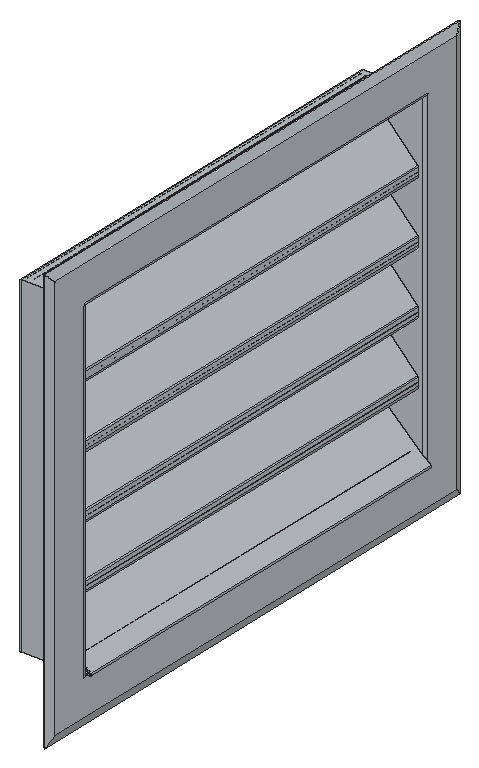
Revit family "NLRS_57_AIR_UN_steel_wheather_wall_louvre_bmxn_exhaust_LT_sacs", category Air Terminals, Revit 2022
Family settings
  Round Connector Dimension = Use Diameter
  Part Type = Normal
  OmniClass Number = 23.75.70.21.27.11
  OmniClass Title = Diffusers, Registers, and Grilles
  Work Plane-Based = No
  Always vertical = No
  Cut with Voids When Loaded = Yes
  Shared = No
  Room Calculation Point = Yes
Parameters (values of type "BMXNGO")
  Type Comments = ""
  SACS_c01_width [instance] = if(SACS_Allow_custom_size, if(not(SACS_Width > 4000.00 mm), roundup(SACS_Width / 5.00 mm) * 5.00 mm, 4000.00 mm), SACS_Price_Width)  # 425.00 mm
  SACS_c01_height [instance] = if(SACS_Allow_custom_size, if(not(SACS_Height > 2025.00 mm), if(not(SACS_Height < 205.00 mm), roundup(SACS_Height / 5.00 mm) * 5.00 mm, 205.00 mm), 2025.00 mm), SACS_Price_Height)  # 325.00 mm
  SACS_Z_Offset [instance] = (60.00 mm * (SACS_Index_Rows)) - 7.00 mm  # 233.00 mm
  SACS_Width [instance] = 425.00 mm
  SACS_Warning_Text_Sound [instance] = if(SACS_Warning_Sound, "Sound over requested value", " ")  # " "
  SACS_Warning_Text_Size [instance] = if(SACS_Warning_Size, if(SACS_Subindex = 3, "Unallowed size selected", "Special size: extra setup cost €46 per size, per order"), " ")  # " "
  SACS_Warning_Text_Ploss [instance] = if(SACS_Warning_Ploss, "Total Pressure loss over requested value", " ")  # " "
  SACS_Warning_Text_Other [instance] = if(and(not(SACS_Standard_RAL), not([Color option (0-4)] = 2)), "Colorchange € 157,-- per delivery and per color", " ")  # " "
  SACS_Warning_Sound [instance] = if(SACS_Lp_dBA > SACS_Max_Lp_dBA, 1 = 1, 1 = 0)  # no
  SACS_Warning_Size [instance] = SACS_Subindex > 1  # no
  SACS_Warning_Sign [instance] = if(and(not(SACS_Warning_Disabled), or(SACS_Warning_Ploss, SACS_Warning_Size, SACS_Warning_Sound)), 1 = 1, 1 = 0)  # no
  SACS_Warning_Ploss [instance] = if(NLRS_M_c01_drukverlies_statisch > SACS_Max_Ploss, 1 = 1, 1 = 0)  # no
  SACS_Warning_Disabled [instance] = no
  SACS_Type_Mark [instance] = ""
  SACS_Subindex [instance] = if(and(SACS_Width = SACS_Price_Width, SACS_Height = SACS_Price_Height), 0, if(and(SACS_Allow_custom_size, SACS_Width = SACS_c01_width, SACS_Height = SACS_c01_height), 1, if(SACS_Allow_custom_size, 2, 3)))  # 0
  SACS_Standard_RAL [instance] = [Color option (0-4)] < 1  # yes
  SACS_Size_Check [instance] = if(SACS_Subindex = 0, "Standard size", if(SACS_Subindex = 1, "Custom size", if(SACS_Subindex = 2, "Corrected custom size (allowed size steps are 5mm)", "Custom sizes are disabled!")))  # "Standard size"
  SACS_Show_Part_3 [instance] = (SACS_c01_height - 10.00 mm) = round((SACS_c01_height - 10.00 mm) / 60.00 mm) * 60.00 mm  # no
  SACS_Show_Part_2 [instance] = and(not(SACS_Show_Part_1), not(SACS_Show_Part_3), not((SACS_c01_height - 25.00 mm) = round((SACS_c01_height - 25.00 mm) / 60.00 mm) * 60.00 mm))  # no
  SACS_Show_Part_1 [instance] = (SACS_c01_height - 20.00 mm) = round((SACS_c01_height - 20.00 mm) / 60.00 mm) * 60.00 mm  # no
  SACS_Show_Arrow [instance] = yes
  SACS_Ps_Calculation [instance] = round(if(SACS_Air_Flow > 0.0 m³/h, (((SACS_Air_Flow / 3600.0 m³/h) / (SACS_Calculation_1 / 10000) / 0.54) ^ 2) * 0.6, 0) * 10) / 10  # 0
  SACS_Product_Cost [instance] = if(and(SACS_c01_width = SACS_Price_Width, SACS_c01_height = SACS_Price_Height), size_lookup(SACS_Data_Hidden, "Cost", 0, SACS_Base_Index * 1.00 mm, SACS_Price_Width, SACS_Price_Height), roundup(size_lookup(SACS_Data_Hidden, "Cost", 0, SACS_Base_Index * 1.00 mm, SACS_Price_Width, SACS_Price_Height) * 1.1))  # 121
  SACS_Price_Width [instance] = if(SACS_Width > 1825.00 mm, 2025.00 mm, if(SACS_Width > 1625.00 mm, 1825.00 mm, if(SACS_Width > 1425.00 mm, 1625.00 mm, if(SACS_Width > 1225.00 mm, 1425.00 mm, if(SACS_Width > 1025.00 mm, 1225.00 mm, if(SACS_Width > 825.00 mm, 1025.00 mm, if(SACS_Width > 625.00 mm, 825.00 mm, if(SACS_Width > 425.00 mm, 625.00 mm, 425.00 mm))))))))  # 425.00 mm
  SACS_Price_Height [instance] = if(SACS_Height > 1825.00 mm, 2025.00 mm, if(SACS_Height > 1625.00 mm, 1825.00 mm, if(SACS_Height > 1425.00 mm, 1625.00 mm, if(SACS_Height > 1225.00 mm, 1425.00 mm, if(SACS_Height > 1025.00 mm, 1225.00 mm, if(SACS_Height > 825.00 mm, 1025.00 mm, if(SACS_Height > 525.00 mm, 825.00 mm, if(SACS_Height > 325.00 mm, 525.00 mm, 325.00 mm))))))))  # 325.00 mm
  SACS_Price_Date [instance] = size_lookup(SACS_Data_Hidden, "Date", "NB", SACS_Base_Index * 1.00 mm, SACS_c01_width, SACS_c01_height)  # "1-4-2025"
  SACS_Option_5 [instance] = if([Color option (0-4)] < 3, SACS_Color, if(SACS_Non_Standard_RAL, "Custom RAL color", "Custom not RAL color"))  # "Sendzimir galvanised"
  SACS_Option_3 [instance] = if(or(SACS_Base_Index = 2, SACS_Base_Index = 4), "I = Mounting frame", "O = None")  # "O = None"
  SACS_Option_2 [instance] = if(SACS_Base_Index < 3, "G = Galvanised wire mesh", "S = Stainless steel wire mesh")  # "G = Galvanised wire mesh"
  SACS_Option_1 [instance] = "BMXN = With 45mm flange"  # constant formula
  SACS_Non_Standard_RAL [instance] = and([Color option (0-4)] > 0, [Color option (0-4)] < 4)  # no
  SACS_Model [instance] = if(or(SACS_Subindex = 1, SACS_Subindex = 2), size_lookup(SACS_Data_Hidden, "", "NB", SACS_Base_Index * 1.00 mm), size_lookup(SACS_Data_Hidden, "Model", "NB", SACS_Base_Index * 1.00 mm, SACS_c01_width, SACS_c01_height))  # "BMXNGO 425x325"
  SACS_Max_Ploss [instance] = 100.0 Pa
  SACS_Max_Lp_dBA [instance] = 45
  SACS_Lp_dBA [instance] = if(SACS_Lp_Calculation > 0, SACS_Lp_Calculation, 0)  # 0
  SACS_Lp_Calculation [instance] = if(SACS_Air_Flow > 0.0 m³/h, round((50 + (10 * (log(SACS_Calculation_1 / 20000) / log(10)))) + (60 * (log((((NLRS_M_c01_debiet / 3600.0 m³/h) / (SACS_Calculation_1 / 10000) / 0.54)) / 9.22) / log(10)))), 0)  # 0
  SACS_Logo_Z [instance] = if(or(SACS_Base_Index = 1, SACS_Base_Index = 3), -4.50 mm, -1.00 mm)  # -4.50 mm
  SACS_Index_Rows [instance] = rounddown((SACS_c01_height - 85.00 mm) / 60.00 mm)  # 4
  SACS_Hidden_Text [instance] = if(SACS_Non_Standard_RAL, "RALCost", "OtherCost")  # "OtherCost"
  SACS_Height [instance] = 325.00 mm
  SACS_Gross_Cost [instance] = if(or(SACS_Height > 2025.00 mm, SACS_Width > 2025.00 mm), 0, SACS_Product_Cost + SACS_Color_Cost)  # 121
  SACS_Free_Area [instance] = round(SACS_Calculation_1) * 100 mm²  # 42300 mm²
  SACS_Frame_1 [instance] = if(or(SACS_Base_Index = 2, SACS_Base_Index = 4), 1 = 1, 1 = 0)  # no
  SACS_Fill_Length [instance] = if(SACS_c01_height - 85.00 mm - SACS_Z_Offset > 0.00 mm, SACS_c01_height - 85.00 mm - SACS_Z_Offset, 1.00 mm)  # 7.00 mm
  SACS_Factor_NDF6 = -10392644.78
  SACS_Factor_NDF5 = -59134.5206
  SACS_Factor_NDF4 = -665391.5911
  SACS_Factor_NDF3 = 5342.127
  SACS_Factor_NDF2 = -2261030.097
  SACS_Factor_NDF1 = -0.36464
  SACS_Face_Color [instance] = NLRS_57_sendzimir verzinkt_gen_sacs
  SACS_DbA_Text = " dB(A)"  # constant formula
  SACS_Data_Hidden = "BMX"  # constant formula
  SACS_Custom_Color [instance] = ""
  SACS_Color_Cost [instance] = if(SACS_Standard_RAL, 0, size_lookup(SACS_Data_Hidden, SACS_Hidden_Text, 0, SACS_Base_Index * 1.00 mm, SACS_Price_Width, SACS_Price_Height))  # 0
  SACS_Color [instance] = if([Color option (0-4)] < 1, "Sendzimir galvanised", if([Color option (0-4)] = 1, "RAL9016-30", if([Color option (0-4)] = 2, "RAL9016-70", SACS_Custom_Color)))  # "Sendzimir galvanised"
  SACS_Calculation_3 [instance] = if(SACS_Calculation_2 * 60.00 mm + 79.00 mm > SACS_c01_height - 26.00 mm, SACS_Calculation_2 - 1, SACS_Calculation_2)  # 4
  SACS_Calculation_2 [instance] = rounddown((SACS_c01_height - 20.00 mm) / 60.00 mm)  # 5
  SACS_Calculation_1 [instance] = round(((((SACS_Factor_NDF1 * (SACS_c01_width / 1000.00 mm) ^ 2) + (SACS_Factor_NDF2 * (SACS_c01_height / 1000.00 mm) ^ 2)) / 100000) + (((SACS_Factor_NDF4 * (SACS_c01_width / 1000.00 mm)) + (SACS_Factor_NDF5 * (SACS_c01_height / 1000.00 mm))) / 1000) + (SACS_Factor_NDF3 * (SACS_c01_width / 1000.00 mm) * (SACS_c01_height / 1000.00 mm)) + (SACS_Factor_NDF6 / 1000 ^ 2)) * 10) / 10  # 423.1
  SACS_Base_Index = 1
  SACS_Air_Velocity [instance] = (NLRS_M_c01_debiet / SACS_Free_Area)  # 0.0 m/s
  SACS_Air_Flow [instance] = if(NLRS_M_c01_debiet < 0.0 m³/h, NLRS_M_c01_debiet * -1, NLRS_M_c01_debiet)  # 0.0 m³/h
  SACS_Allow_custom_size [instance] = no
  NLRS_M_c01_hoogte [instance] = SACS_c01_height  # 325.00 mm
  NLRS_M_c01_drukverlies_statisch [instance] = round(if(SACS_Ps_Calculation > 0, SACS_Ps_Calculation, 0)) * 1.0 Pa  # 0.0 Pa
  NLRS_M_c01_debiet [instance] = 0.0 m³/h
  NLRS_M_c01_breedte [instance] = SACS_c01_width  # 425.00 mm
  NLRS_C_model [instance] = SACS_Model  # "BMXNGO 425x325"
  NLRS_C_materiaal_kleur [instance] = SACS_Color  # "Sendzimir galvanised"
  NLRS_C_gtin_code [instance] = size_lookup(SACS_Data_Hidden, "GTIN", "NB", SACS_Base_Index * 1.00 mm, SACS_c01_width, SACS_c01_height)  # "8720238035606"
  NLRS_C_description = Description  # "Solid Air weather louvre BMX (air exhaust)"
  NLRS_C_content_versie = "4.22.01"  # constant formula
  NLRS_C_content_provider = "Solid Air Climate Solutions"  # constant formula
  NLRS_C_content_datum_uitgifte = "09-10-2025"  # constant formula
  NLRS_C_content_creator = "J. Feeke"  # constant formula
  NLRS_C_artikel_code [instance] = size_lookup(SACS_Data_Hidden, "Artikelcode", "NB", SACS_Base_Index * 1.00 mm, SACS_c01_width, SACS_c01_height)  # "8601000000"
  LoadBearing = 1 = 0  # no
  IsExternal = 1 = 0  # no
  URL = "https://solid-air.nl/producten/solid-air-buitenluchtrooster-bmxn-bmxt-staal/"
  Model = "Weather louvre"  # constant formula
  Min Flow = 0.0 m³/h
  Max Flow = 0.0 m³/h
  Manufacturer = "Solid Air Climate Systems"  # constant formula
  IfcExportType = "LOUVRE"  # constant formula
  IfcExportAs = "IfcAirTerminal"  # constant formula
  IfcDescription = Description  # "Solid Air weather louvre BMX (air exhaust)"
  FireRating = "0"  # constant formula
  Description = "Solid Air weather louvre BMX (air exhaust)"  # constant formula
  Default Elevation = 0.00 mm
  Color option (0-4) [instance] = 0
  Assembly Code = "57.0"
Types (4, lengths in mm): name | SACS_Product_Cost | SACS_Option_3 | SACS_Option_2 | SACS_Model | SACS_Logo_Z | SACS_Gross_Cost | SACS_Free_Area | SACS_Frame_1 | SACS_Factor_NDF6 | SACS_Factor_NDF5 | SACS_Factor_NDF4 | SACS_Factor_NDF3 | SACS_Factor_NDF2 | SACS_Factor_NDF1 | SACS_Calculation_1 | SACS_Base_Index | NLRS_C_model | NLRS_C_gtin_code | NLRS_C_artikel_code
  BMXNGO | 121 | "O = None" | "G = Galvanised wire mesh" | "BMXNGO 425x325" | -4.50 | 121 | 42300 mm² | no | -10392644.78 | -59134.5206 | -665391.5911 | 5342.127 | -2261030.097 | -0.36464 | 423.1 | 1 | "BMXNGO 425x325" | "8720238035606" | "8601000000"
  BMXNGI | 205 | "I = Mounting frame" | "G = Galvanised wire mesh" | "BMXNGI 425x325" | -1.00 | 205 | 42300 mm² | yes | -10392644.78 | -59134.5206 | -665391.5911 | 5342.127 | -2261030.097 | -0.36464 | 423.1 | 2 | "BMXNGI 425x325" | "8720238036412" | "8601000081"
  BMXNSO | 138 | "O = None" | "S = Stainless steel wire mesh" | "BMXNSO 425x325" | -4.50 | 138 | 31700 mm² | no | -7794483.584 | -44350.8905 | -499043.6933 | 4006.5952 | -1695772.573 | -0.41529 | 317.3 | 3 | "BMXNSO 425x325" | "8720238037228" | "8601000162"
  BMXNSI | 222 | "I = Mounting frame" | "S = Stainless steel wire mesh" | "BMXNSI 425x325" | -1.00 | 222 | 31700 mm² | yes | -7794483.584 | -44350.8905 | -499043.6933 | 4006.5952 | -1695772.573 | -0.41529 | 317.3 | 4 | "BMXNSI 425x325" | "8720238038041" | "8601000244"
Reference planes
  plane 1 "Center (Front/Back)": y = 0
  plane 2: z = 0
  plane 3 "Center (Left/Right)": x = 0
  plane 4 "top": z = 162.5
  plane 5: z = -162.5
  plane 6: y = -212.5
  plane 7: y = 212.5
  plane 8: y = 204
  plane 9: y = -204
  plane 10 "Bottom_Profile": z = -85
  plane 11: z = 159
  plane 12: z = -159
  plane 13: y = 202.5
  plane 14: y = -202.5
  plane 15 "LAMELLEN": x = -49
  plane 16 "Top_Lamel": z = 148
  plane 17: z = -25
  plane 18: z = 35
Forms (mm)
  Sweep 1, solid, material "NLRS_57_sendzimir verzinkt_gen_sacs" <- "SACS_Face_Color", detail levels medium+fine
    path in 3D
      loop
        line (0, -204, 159) -> (0, -204, -159) -> (0, 204, -159) -> (0, 204, 159) -> (0, -204, 159)
    profile "Profile_XN_R22 : Profile_XN_R22" origin (0, 0, 159) x (0, 0, -1) y (1, 0, 0)
      loop
        arc (0, -54.5) -> (0.732, -56.268) -> (2.5, -57) r 2.5
        line (2.5, -57) -> (15, -57) -> (15, -55.5) -> (3.25, -55.5)
        arc (3.25, -55.5) -> (2.013, -54.987) -> (1.5, -53.75) r 1.75
        line (1.5, -53.75) -> (1.5, 3.5)
        arc (1.5, 3.5) -> (0.768, 5.268) -> (-1, 6) r 2.5
        line (-1, 6) -> (-35.28, 6) -> (-43.502, 2.339) -> (-42.892, 0.969) -> (-34.961, 4.5) -> (-1.75, 4.5)
        arc (-1.75, 4.5) -> (-0.513, 3.987) -> (0, 2.75) r 1.75
        line (0, 2.75) -> (0, -54.5)
  Sweep 2, solid, material "NLRS_57_sendzimir verzinkt_gen_sacs" <- "SACS_Face_Color", detail levels medium+fine
    path in 3D
      loop
        line (-49, -202.5, -85) -> (-49, 202.5, -85)
    profile "Profile_BMX_Bottom_Lamel_R22 : Profile_BMX_Bottom_Lamel_R22" origin (-49, 0, -85) x (0, 0, 1) y (1, 0, 0)
      loop
        line (-0.482, -1.941) -> (-17.726, 2.346)
        arc (-17.726, 2.346) -> (-18.808, 2.791) -> (-19.715, 3.531) r 4
        line (-19.715, 3.531) -> (-70.982, 59.695)
        arc (-70.982, 59.695) -> (-72.154, 59.922) -> (-72.708, 58.864) r 1
        line (-72.708, 58.864) -> (-69.963, 41.531)
        arc (-69.963, 41.531) -> (-64.122, 41.153) -> (-69.236, 44) r 3
        line (-69.236, 44) -> (-68.491, 43.333)
        arc (-68.491, 43.333) -> (-65.081, 41.435) -> (-68.975, 41.687) r 2
        line (-68.975, 41.687) -> (-71.721, 59.021) -> (-20.25, 2.633)
        arc (-20.25, 2.633) -> (-19.343, 1.894) -> (-18.261, 1.448) r 4
        line (-18.261, 1.448) -> (-0.724, -2.911)
        arc (-0.724, -2.911) -> (2.007, 2.23) -> (-2.819, -1.026) r 3
        line (-2.819, -1.026) -> (-1.879, -0.684)
        arc (-1.879, -0.684) -> (1.338, 1.487) -> (-0.482, -1.941) r 2
  Extrusion 3, solid, not visible
    sketch origin (0, 0, 0) x (1, 0, 0) y (0, 1, 0)
      loop
        line (-49, 0.489) -> (-49, -0.489) -> (0, -0.489) -> (0, 0.489) -> (-49, 0.489)
    from -0.5 to 0.5
  Sweep 4, solid, material "NLRS_57_sendzimir verzinkt_gen_sacs", visible <- "SACS_Frame_1", detail levels medium+fine
    path in 3D
      loop
        line (0, -212.5, -162.5) -> (0, 212.5, -162.5) -> (0, 212.5, 162.5) -> (0, -212.5, 162.5) -> (0, -212.5, -162.5)
    profile "Profile_BM_I : Profile_BM_I" origin (0, -212.5, 0) x (0, 1, 0) y (1, 0, 0)
      loop
        line (-25, 2) -> (-25, 0) -> (0, 0) -> (0, -58) -> (2, -58) -> (2, 2) -> (-25, 2)
  Sweep 5, solid, material "NLRS_57_sendzimir verzinkt_gen_sacs" <- "SACS_Face_Color", visible <- "SACS_Show_Part_1", detail levels medium+fine
    path in 3D
      loop
        line (-49, 202.5, 148) -> (-49, -202.5, 148)
    profile "Profile_BMX_Top_Lamel_R22 : Profile_BMX_Top_Lamel_R22" origin (-49, 0, 148) x (1, 0, 0) y (0, 0, 1)
      loop
        arc (46.763, 2.427) -> (42.327, -1.362) -> (48, 0) r 3
        line (48, 0) -> (48, 7.19)
        arc (48, 7.19) -> (47.853, 7.941) -> (47.435, 8.582) r 2
        line (47.435, 8.582) -> (-1.905, 59.303)
        arc (-1.905, 59.303) -> (-2.11, 60.389) -> (-1.188, 61) r 1
        line (-1.188, 61) -> (4.674, 61)
        arc (4.674, 61) -> (6.088, 57.586) -> (2.674, 59) r 2
        line (2.674, 59) -> (1.674, 59)
        arc (1.674, 59) -> (6.795, 56.879) -> (4.674, 62) r 3
        line (4.674, 62) -> (-1.182, 62)
        arc (-1.182, 62) -> (-3.025, 60.778) -> (-2.616, 58.605) r 2
        line (-2.616, 58.605) -> (46.434, 8.182)
        arc (46.434, 8.182) -> (46.853, 7.54) -> (47, 6.788) r 2
        line (47, 6.788) -> (47, 0)
        arc (47, 0) -> (43.218, -0.908) -> (46.176, 1.618) r 2
        line (46.176, 1.618) -> (46.763, 2.427)
  Sweep 6, solid, material "NLRS_57_sendzimir verzinkt_gen_sacs" <- "SACS_Face_Color", visible <- "SACS_Show_Part_2"
    path in 3D
      loop
        line (-49, 202.5, 148) -> (-49, -202.5, 148)
    profile "Profile_BMX_ALT_Top_Lamel_R22 : Profile_BMX_ALT_Top_Lamel_R22" origin (-49, 0, 148) x (1, 0, 0) y (0, 0, 1)
      loop
        arc (46.763, 2.427) -> (42.327, -1.362) -> (48, 0) r 3
        line (48, 0) -> (48, 7.19)
        arc (48, 7.19) -> (47.853, 7.941) -> (47.435, 8.582) r 2
        line (47.435, 8.582) -> (46.159, 9.895)
        arc (46.159, 9.895) -> (45.503, 10.342) -> (44.725, 10.5) r 2
        line (44.725, 10.5) -> (-3, 10.5) -> (-3, 9.5) -> (44.624, 9.5)
        arc (44.624, 9.5) -> (45.11, 9.402) -> (45.52, 9.122) r 1.25
        line (45.52, 9.122) -> (46.434, 8.182)
        arc (46.434, 8.182) -> (46.853, 7.54) -> (47, 6.788) r 2
        line (47, 6.788) -> (47, 0)
        arc (47, 0) -> (43.218, -0.908) -> (46.176, 1.618) r 2
        line (46.176, 1.618) -> (46.763, 2.427)
  Sweep 7, solid, material "NLRS_57_sendzimir verzinkt_gen_sacs", visible <- "SACS_Show_Part_3"
    path in 3D
      loop
        line (-49, 202.5, 148) -> (-49, -202.5, 148)
    profile "Profile_BMX_ALT2_Top_Lamel_R22 : Profile_BMX_ALT2_Top_Lamel_R22" origin (-49, 0, 148) x (1, 0, 0) y (0, 0, 1)
      loop
        arc (46.763, 2.427) -> (42.327, -1.362) -> (48, 0) r 3
        line (48, 0) -> (48, 7.19)
        arc (48, 7.19) -> (47.853, 7.942) -> (47.434, 8.584) r 2
        line (47.434, 8.584) -> (7.033, 50.115)
        arc (7.033, 50.115) -> (4.478, 50.376) -> (3.772, 47.907) r 2
        line (3.772, 47.907) -> (7.04, 40.567) -> (4.312, 33.074)
        arc (4.312, 33.074) -> (0.59, 33.534) -> (3.712, 35.612) r 2
        line (3.712, 35.612) -> (4.3, 36.421)
        arc (4.3, 36.421) -> (-0.374, 33.269) -> (5.232, 32.677) r 3
        line (5.232, 32.677) -> (7.841, 39.846)
        arc (7.841, 39.846) -> (7.961, 40.599) -> (7.789, 41.343) r 2
        line (7.789, 41.343) -> (4.681, 48.324)
        arc (4.681, 48.324) -> (5.034, 49.559) -> (6.311, 49.428) r 1
        line (6.311, 49.428) -> (46.434, 8.182)
        arc (46.434, 8.182) -> (46.853, 7.54) -> (47, 6.788) r 2
        line (47, 6.788) -> (47, 0)
        arc (47, 0) -> (43.218, -0.908) -> (46.176, 1.618) r 2
        line (46.176, 1.618) -> (46.763, 2.427)
Lines and regions (mm)
  model lines, not visible
    curve 1: line (0, 204, 159) -> (0, -204, 159)
    curve 2: line (0, 204, -159) -> (0, 204, 159)
    curve 3: line (0, -204, -159) -> (0, 204, -159)
    curve 4: line (0, -204, 159) -> (0, -204, -159)
    curve 9: line (-49, -202.5, 153.5) -> (-49, 202.5, 153.5)
    curve 10: line (-49, -202.5, -85) -> (-49, 202.5, -85)
    curve 12: line (0, 212.5, 162.5) -> (0, -212.5, 162.5)
    curve 13: line (0, 212.5, -162.5) -> (0, 212.5, 162.5)
    curve 14: line (0, -212.5, -162.5) -> (0, 212.5, -162.5)
    curve 15: line (0, -212.5, 162.5) -> (0, -212.5, -162.5)
    curve 20: line (-49, 202.5, 148) -> (-49, -202.5, 148)
  sketch lines
    curve 5: line (0, 204, 159) -> (0, -204, 159)
    curve 6: line (0, 204, -159) -> (0, 204, 159)
    curve 7: line (0, -204, -159) -> (0, 204, -159)
    curve 8: line (0, -204, 159) -> (0, -204, -159)
    curve 11: line (-49, -202.5, -85) -> (-49, 202.5, -85)
    curve 16: line (0, -212.5, 162.5) -> (0, -212.5, -162.5)
    curve 17: line (0, -212.5, -162.5) -> (0, 212.5, -162.5)
    curve 18: line (0, 212.5, -162.5) -> (0, 212.5, 162.5)
    curve 19: line (0, 212.5, 162.5) -> (0, -212.5, 162.5)
    curve 21: line (-49, 202.5, 148) -> (-49, -202.5, 148)
    curve 22: line (-49, 202.5, 148) -> (-49, -202.5, 148)
    curve 23: line (-49, 202.5, 148) -> (-49, -202.5, 148)
Dimensions and locks
  equal spacing: plane 7, plane 1 "Center (Front/Back)", plane 6
  equal spacing: plane 5, level, plane 4 "top"
  "SACS_c01_height": plane 4 "top" to plane 5
  "SACS_c01_width": plane 7 to plane 6
  locked: plane 7 to plane 8 at 8.5
  locked: plane 9 to plane 6 at 8.5
  locked: plane 10 "Bottom_Profile" to plane 12 at 74
  locked: plane 4 "top" to plane 11 at 3.5
  locked: plane 12 to plane 5 at 3.5
  locked: plane 8 to plane 13 at 1.5
  locked: plane 14 to plane 9 at 1.5
  plane 3 "Center (Left/Right)" to plane 15 "LAMELLEN" = 49.00 mm
  equal spacing: Extrusion 3 sketch curve, plane 1 "Center (Front/Back)", Extrusion 3 sketch curve
  Extrusion 3 sketch curve to Extrusion 3 sketch curve = 0.977 mm
  "SACS_Z_Offset": plane 16 "Top_Lamel" to plane 10 "Bottom_Profile"
  equal spacing: group 1, group 2, group 3, group 4  (x3)
  locked: plane 17 to plane 10 "Bottom_Profile" at 60
  locked: plane 18 to plane 17 at 60
  plane 9 to plane 8 = 408.00 mm
  plane 11 to plane 12 = 318.00 mm
  plane 10 "Bottom_Profile" to plane 12 = 74.00 mm
  plane 16 "Top_Lamel" to plane 10 "Bottom_Profile" = 233.00 mm
  aligned and locked: level to plane 2
  aligned and locked: curve 4 to plane 9
  aligned and locked: curve 1 to plane 11
  aligned and locked: plane 12 to curve 3
  aligned and locked: plane 14 to curve 9
  aligned and locked: plane 13 to curve 9
  aligned and locked: plane 14 to curve 10
  aligned and locked: plane 13 to curve 10
  aligned and locked: plane 15 "LAMELLEN" to Extrusion 3 sketch curve
  aligned and locked: curve 12 to plane 4 "top"
  aligned and locked: plane 7 to curve 13
  aligned and locked: curve 15 to plane 6
  aligned and locked: plane 5 to curve 14
  aligned and locked: plane 15 "LAMELLEN" to nested 2
  aligned and locked: plane 17 to nested 2
  aligned and locked: plane 18 to nested 3
  aligned and locked: nested 1 to plane 1 "Center (Front/Back)"
  aligned and locked: nested 4 to plane 3 "Center (Left/Right)"
  aligned and locked: nested 5 to plane 3 "Center (Left/Right)"
  aligned and locked: plane 13 to curve 20
  aligned and locked: plane 14 to curve 20
  aligned and locked: curve 20 to plane 15 "LAMELLEN"
Automatic sketch dimensions
  plane 3 "Center (Left/Right)" to Extrusion 3 sketch curve = 0.00 mm
  curve 2 to plane 8 = 0.00 mm
  curve 9 to plane 11 = 5.50 mm
  curve 10 to plane 10 "Bottom_Profile" = 0.00 mm
Nested families
  nested 1: "logo_SACS" at (-30.213, 0, 158) x (0, 1, 0) z (0, 0, 1), built-in parameter 1001364 <- "SACS_Logo_Z", type "logo_SACS", detail levels medium+fine
  nested 2: "BMX_Lamel_R22" at (-49, 0, -25), type "BMX_Lamel_R22", detail levels medium+fine
    with Width 405.00 mm, BMX_Width 425.00 mm
  nested 3: "BMX_Lamel_R22" at (-49, 0, 35), type "BMX_Lamel_R22", detail levels medium+fine
    with Width 405.00 mm, BMX_Width 425.00 mm
  nested 4: "symbol_exhaust_single_arrow" at (-29, 0, 0), type "Top"
  nested 5: "symbol_exhaust_single_arrow" at (-29, 0, 0) x (1, 0, 0) z (0, -1, 0), type "Side"
    with Width 325.00 mm
  nested 6: "BMX_Lamel_R22" at (-49, 0, 95), type "BMX_Lamel_R22", detail levels medium+fine
    with Width 405.00 mm, BMX_Width 425.00 mm
  nested 7: "BMX_Lamel_R22" at (-49, 0, 155), type "BMX_Lamel_R22", detail levels medium+fine
    with Width 405.00 mm, BMX_Width 425.00 mm
Connectors
  hvac at (0, 0, 0), driven by "SACS_c01_height", driven by "SACS_c01_width", driven by "NLRS_M_c01_drukverlies_statisch", driven by "NLRS_M_c01_debiet"
    settings: on Extrusion 3, index 1, duct flow 0.0 m³/h, flow factor 0, pres drop 0.0 Pa, loss coef 0, conn angle 0.00°, conn width 425 mm, conn height 325 mm, conn diameter 609.6 mm, duct sys type 2, conn prof type 1, flow config 1, flow direction 1, loss method 4, conn ref index -1, conn util no, is conn primary yes, conn desc ""
Definition of nested family "logo_SACS"
  Parameters (values of type "logo_SACS")
    Scale = 5.00 mm
    Model = "LOD 400"
    Height = 1.50 mm
    Description = "Model type"
    Default Elevation = 1219.20 mm
  Reference planes
    plane 1 "Center (Front/Back)": y = 0
    plane 2: z = 0
    plane 3 "Center (Left/Right)": x = 0
    plane 4: z = 1.5
    plane 5: x = -10
    plane 6: y = -5
    plane 7: y = 5
    plane 8: x = -5
    plane 9: x = 5
    plane 10: x = 10
  Forms (mm)
    Extrusion 1, solid
      sketch origin (-547.644, -297.937, 0) x (1, 0, 0) y (0, 1, 0)
        loop
          arc (542.644, 302.937) -> (537.644, 297.937) -> (542.644, 292.937) r 5
          line (542.644, 292.937) -> (542.644, 297.937) -> (547.644, 292.937) -> (547.644, 297.937) -> (542.644, 302.937)
      from 0 to 1.5
    Extrusion 2, solid
      sketch origin (0, 0, 0) x (1, 0, 0) y (0, 1, 0)
        loop
          arc (5, -5) -> (10, 0) -> (5, 5) r 5
          line (5, 5) -> (5, 0) -> (0, 5) -> (0, 0) -> (5, -5)
      from 0 to 1.5
  Dimensions and locks
    "Scale": plane 7 to plane 1 "Center (Front/Back)"
    "Scale": plane 6 to plane 1 "Center (Front/Back)"
    "Scale": plane 5 to plane 8
    "Scale": plane 8 to plane 3 "Center (Left/Right)"
    "Scale": plane 3 "Center (Left/Right)" to plane 9
    "Scale": plane 9 to plane 10
    "Height": plane 4 to level
    aligned and locked: level to plane 2
    aligned and locked: plane 4 to Extrusion 1
    aligned and locked: plane 4 to Extrusion 2
  Automatic sketch dimensions
    plane 1 "Center (Front/Back)" to Extrusion 1 sketch curve = 0.00 mm  (x3)
    Extrusion 1 sketch curve to plane 8 = 0.00 mm
    Extrusion 1 sketch curve to plane 7 = 0.00 mm
    Extrusion 1 sketch curve to plane 3 "Center (Left/Right)" = 0.00 mm
    Extrusion 1 sketch curve to plane 6 = 0.00 mm
    Extrusion 2 sketch curve to plane 3 "Center (Left/Right)" = 0.00 mm
    plane 1 "Center (Front/Back)" to Extrusion 2 sketch curve = 0.00 mm  (x3)
    Extrusion 2 sketch curve to plane 6 = 0.00 mm
    Extrusion 2 sketch curve to plane 9 = 0.00 mm
    Extrusion 2 sketch curve to plane 7 = 0.00 mm
Definition of nested family "BMX_Lamel_R22"
  Parameters (values of type "BMX_Lamel_R22")
    material = none
    Width = BMX_Width - 20.00 mm  # 480.00 mm
    Type Comments = "(c) 2025"  # constant formula
    Model = "Lamel for BMX"  # constant formula
    Manufacturer = "Solid Air Climate Systems"  # constant formula
    Description = "Last updated: 01-10-2025"  # constant formula
    Default Elevation = 0.00 mm
    BMX_Width = 500.00 mm
  Reference planes
    plane 1 "Center (Front/Back)": y = 0
    plane 2: z = 0
    plane 3 "Center (Left/Right)": x = 0
    plane 4: y = 240
    plane 5: y = -240
  Forms (mm)
    Sweep 1, solid, material <- "material", detail levels medium+fine
      path in 3D
        loop
          line (0, 240, 0) -> (0, -240, 0)
      profile "Profile_BMX_Lamel_R22 : Profile_BMX_Lamel_R22" origin (0, 0, 0) x (1, 0, 0) y (0, 0, 1)
        loop
          arc (46.763, -64.573) -> (42.327, -68.362) -> (48, -67) r 3
          line (48, -67) -> (48, -59.812)
          arc (48, -59.812) -> (47.853, -59.06) -> (47.434, -58.418) r 2
          line (47.434, -58.418) -> (-1.434, -8.182)
          arc (-1.434, -8.182) -> (-1.853, -7.54) -> (-2, -6.788) r 2
          line (-2, -6.788) -> (-2, 0)
          arc (-2, 0) -> (1.798, 0.877) -> (-1.231, -1.576) r 2
          line (-1.231, -1.576) -> (-1.847, -2.364)
          arc (-1.847, -2.364) -> (2.696, 1.315) -> (-3, 0) r 3
          line (-3, 0) -> (-3, -7.188)
          arc (-3, -7.188) -> (-2.853, -7.94) -> (-2.434, -8.582) r 2
          line (-2.434, -8.582) -> (46.434, -58.818)
          arc (46.434, -58.818) -> (46.853, -59.46) -> (47, -60.212) r 2
          line (47, -60.212) -> (47, -67)
          arc (47, -67) -> (43.218, -67.908) -> (46.176, -65.382) r 2
          line (46.176, -65.382) -> (46.763, -64.573)
  Lines and regions (mm)
    model lines
      curve 1: line (0, 240, 0) -> (0, -240, 0)
    sketch lines
      curve 2: line (0, 240, 0) -> (0, -240, 0)
    model lines, not visible
      curve 3: line (-2, 0, 0) -> (2, 0, 0)
  Dimensions and locks
    equal spacing: plane 4, plane 1 "Center (Front/Back)", plane 5
    "Width": plane 4 to plane 5
    aligned and locked: level to plane 2
    aligned and locked: plane 4 to curve 1
    aligned and locked: plane 5 to curve 1
  Automatic sketch dimensions
    curve 1 to plane 3 "Center (Left/Right)" = 0.00 mm
    curve 3 to level = 0.00 mm
    curve 3 to plane 3 "Center (Left/Right)" = 2.00 mm
    plane 3 "Center (Left/Right)" to curve 3 = 2.00 mm
Definition of nested family "symbol_exhaust_single_arrow"
  Parameters (values of type "Side")
    Width = 380.00 mm
    Symbol = yes
    Safe_Length = if(Length < 50.00 mm, 50.00 mm, Length)  # 58.00 mm
    Length = 58.00 mm
    Error = no
    Arrow = yes
  Types (2, lengths in mm): name | Width
    Side | 380.00
    Top | 425.00
  Reference planes
    plane 1 "Center (Front/Back)": y = 0
    plane 2: z = 0
    plane 3 "Center (Left/Right)": x = 0
    plane 4: x = -29
    plane 5: x = 29
    plane 6: y = -190
    plane 7: y = 190
    plane 8: x = 54
  Lines and regions (mm)
    Filled region 1, type "Solid Fill - Black", in view "Ref. Level", visible <- "Arrow"
      outline origin (246.928, 237.965, 0) x (0, -1, 0) y (1, 0, 0)
        loop
          line (237.965, -17.928) -> (207.965, -77.928) -> (267.965, -77.928) -> (237.965, -17.928)
    Filled region 2, type "Solid Fill - Black", in view "Ref. Level", visible <- "Arrow", not visible
      outline origin (246.928, 237.965, 0) x (0, -1, 0) y (1, 0, 0)
        loop
          line (237.965, -71.928) -> (267.965, -11.928) -> (207.965, -11.928) -> (237.965, -71.928)
    Filled region 3, type "Solid Fill - Red", in view "Ref. Level", visible <- "Error"
      outline origin (0, 0, 0) x (1, 0, 0) y (0, 1, 0)
        loop
          line (-25.8, 75) -> (-20, -12) -> (20, -12) -> (25.8, 75) -> (-25.8, 75)
        loop
          circle (0, -50) r 25
    detail lines, in view "Ref. Level", visible <- "Symbol", detail levels coarse
      curve 1: line (-29, 190, 0) -> (29, 190, 0)
      curve 2: line (-29, -190, 0) -> (-29, 190, 0)
      curve 3: line (29, -190, 0) -> (-29, -190, 0)
      curve 4: line (29, 190, 0) -> (29, -190, 0)
      curve 5: line (29, 190, 0) -> (-29, -190, 0)
    detail lines, in view "Ref. Level", visible <- "Arrow"
      curve 6: line (54, 0, 0) -> (206.343, 0, 0)
    detail lines, in view "Ref. Level", visible <- "Arrow", not visible
      curve 7: line (350, 0, 0) -> (197.657, 0, 0)
  Dimensions and locks
    equal spacing: plane 7, plane 1 "Center (Front/Back)", plane 6
    "Width": plane 7 to plane 6
    equal spacing: plane 4, plane 3 "Center (Left/Right)", plane 5
    "Safe_Length": plane 4 to plane 5
    locked: plane 5 to plane 8 at 25
    Filled region 3 sketch curve to Filled region 3 sketch curve = 51.60 mm  (x2)
    Filled region 3 sketch curve to Filled region 3 sketch curve = 40.00 mm  (x2)
    equal spacing: Filled region 3 sketch curve, plane 3 "Center (Left/Right)", Filled region 3 sketch curve  (x2)
    Filled region 3 sketch curve to plane 1 "Center (Front/Back)" to Filled region 3 sketch curve = 12.00 mm locked, 75.00 mm locked
    locked: Filled region 3 sketch curve to plane 1 "Center (Front/Back)" at 50
    diameter of Filled region 3 sketch curve = 50.00 mm
    aligned and locked: plane 4 to curve 2
    aligned and locked: curve 1 to plane 7
    aligned and locked: plane 6 to curve 3
    aligned and locked: curve 4 to plane 5
    aligned and locked: plane 3 "Center (Left/Right)" to Filled region 3 sketch curve
    aligned and locked: plane 8 to curve 6
  Automatic sketch dimensions
    Filled region 1 sketch curve to Filled region 1 sketch curve = 60.00 mm  (x2)
    Filled region 1 sketch curve to Filled region 1 sketch curve = 30.00 mm
    Filled region 2 sketch curve to Filled region 2 sketch curve = 60.00 mm  (x2)
    Filled region 2 sketch curve to Filled region 2 sketch curve = 30.00 mm
